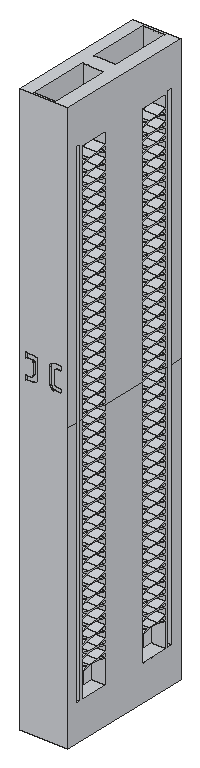
Revit family
Parameters
  Material ID = "760072835"
  Description = "Vertical Cable Management Kit, 8in X 96in (203mm X 2438mm) Double Sided, With Doors, Silver"
Reference planes (in)
  plane 1 "Center (Front/Back)": y = 0
  plane 2: z = 0
  plane 3 "Center (Left/Right)": x = 0
Forms (in)
  Extrusion 1, void, not visible
    sketch origin (0, 0, 0) x (1, 0, 0) y (0, 0, 1)
      loop
        line (-7.85662, 0.48089) -> (-7.85662, -0.39002) -> (-7.67285, -0.39002) -> (-7.67285, -0.64002) -> (-7.0736, -0.64002) -> (-7.0736, -0.39002) -> (-6.92978, -0.39002) -> (-6.92978, 0.48089) -> (-7.85662, 0.48089)
    from -3.79215 to 12
  Extrusion 2, void, not visible
    sketch origin (0, 0, 0) x (1, 0, 0) y (0, 0, 1)
      loop
        line (-8.21397, 0.42583) -> (-8.21397, -0.07417) -> (-8.08657, -0.07417) -> (-8.08657, -0.27417) -> (-7.83657, -0.27417) -> (-7.83657, -0.07417) -> (-7.72497, -0.07417) -> (-7.72497, 0.42583) -> (-8.21397, 0.42583)
    from 0.74059 to 3.34334
  Extrusion 3, solid
    sketch origin (0, 0, 0) x (1, 0, 0) y (0, 0, 1)
      loop
        line (4, 48) -> (-4, 48) -> (-4, -48) -> (4, -48) -> (4, 0) -> (4, 48)
    from 11.281 to -12.189
  Extrusion 4, void
    sketch origin (0, 0, 0) x (1, 0, 0) y (0, 0, 1)
      loop
        line (-3, 9.00056) -> (-3, 8.06684) -> (-2.1, 8.06684)
        arc (-2.1, 8.06684) -> (-1.88787, 7.97898) -> (-1.8, 7.76684) r 0.3
        line (-1.8, 7.76684) -> (-1.8, 5.85056)
        arc (-1.8, 5.85056) -> (-1.88787, 5.63843) -> (-2.1, 5.55056) r 0.3
        line (-2.1, 5.55056) -> (-3, 5.55056) -> (-3, 4.75056) -> (-1.8, 4.75056)
        arc (-1.8, 4.75056) -> (-1.23431, 4.98488) -> (-1, 5.55056) r 0.8
        line (-1, 5.55056) -> (-1, 8.20056)
        arc (-1, 8.20056) -> (-1.23431, 8.76625) -> (-1.8, 9.00056) r 0.8
        line (-1.8, 9.00056) -> (-3, 9.00056)
      loop
        line (3, 9.00056) -> (1.8, 9.00056)
        arc (1.8, 9.00056) -> (1.23431, 8.76625) -> (1, 8.20056) r 0.8
        line (1, 8.20056) -> (1, 5.55056)
        arc (1, 5.55056) -> (1.23431, 4.98488) -> (1.8, 4.75056) r 0.8
        line (1.8, 4.75056) -> (3, 4.75056) -> (3, 5.55056) -> (2.1, 5.55056)
        arc (2.1, 5.55056) -> (1.88787, 5.63843) -> (1.8, 5.85056) r 0.3
        line (1.8, 5.85056) -> (1.8, 7.76684)
        arc (1.8, 7.76684) -> (1.88787, 7.97898) -> (2.1, 8.06684) r 0.3
        line (2.1, 8.06684) -> (3, 8.06684) -> (3, 9.00056)
    from 11.08569 to 11.281
  Extrusion 5, void
    sketch origin (0, 0, 0) x (1, 0, 0) y (0, 1, 0)
      loop
        line (1.70983, -0.6615) -> (-2.04017, -0.6615) -> (-2.04017, -10.9115) -> (1.70983, -10.9115) -> (1.70983, -0.6615)
      loop
        line (1.70983, 1.5695) -> (1.70983, 11.8195) -> (-2.04017, 11.8195) -> (-2.04017, 1.5695) -> (1.70983, 1.5695)
    from -58.88014 to 54.97812
  Extrusion 6, void
    sketch origin (0, 0, 0) x (0, 1, 0) y (0, 0, 1)
      loop
        line (-3.37841, 39.06909) -> (-3.37841, 41.06909) -> (-8.50915, 41.06909) -> (-8.50915, 39.06909) -> (-6.81878, 38.61615) -> (-5.06878, 38.61615) -> (-3.37841, 39.06909)
      loop
        line (-3.37841, 38.06909) -> (-5.06878, 38.52202) -> (-6.81878, 38.52202) -> (-8.50915, 38.06909) -> (-8.50915, 37.81909) -> (-8.50915, 37.06909) -> (-6.81878, 36.61615) -> (-5.06878, 36.61615) -> (-3.37841, 37.06909) -> (-3.37841, 37.81909) -> (-3.37841, 38.06909)
      loop
        line (-3.37841, 39.00985) -> (-4.9864, 38.57899) -> (-3.37841, 38.14813) -> (-3.37841, 39.00985)
      loop
        line (-8.50915, 39.00985) -> (-8.50915, 38.14813) -> (-6.90115, 38.57899) -> (-8.50915, 39.00985)
      loop
        line (-3.37841, 36.06909) -> (-5.06878, 36.52202) -> (-6.81878, 36.52202) -> (-8.50915, 36.06909) -> (-8.50915, 35.06909) -> (-6.81878, 34.61615) -> (-5.06878, 34.61615) -> (-3.37841, 35.06909) -> (-3.37841, 36.06909)
      loop
        line (-3.37841, 37.00985) -> (-4.9864, 36.57899) -> (-3.37841, 36.14813) -> (-3.37841, 37.00985)
      loop
        line (-8.50915, 37.00985) -> (-8.50915, 36.14813) -> (-6.90115, 36.57899) -> (-8.50915, 37.00985)
      loop
        line (-3.37841, 34.06909) -> (-5.06878, 34.52202) -> (-6.81878, 34.52202) -> (-8.50915, 34.06909) -> (-8.50915, 33.06909) -> (-6.81878, 32.61615) -> (-5.06878, 32.61615) -> (-3.37841, 33.06909) -> (-3.37841, 34.06909)
      loop
        line (-3.37841, 35.00985) -> (-4.9864, 34.57899) -> (-3.37841, 34.14813) -> (-3.37841, 35.00985)
      loop
        line (-8.50915, 35.00985) -> (-8.50915, 34.14813) -> (-6.90115, 34.57899) -> (-8.50915, 35.00985)
      loop
        line (-3.37841, 32.06909) -> (-5.06878, 32.52202) -> (-6.81878, 32.52202) -> (-8.50915, 32.06909) -> (-8.50915, 31.06909) -> (-6.81878, 30.61615) -> (-5.06878, 30.61615) -> (-3.37841, 31.06909) -> (-3.37841, 32.06909)
      loop
        line (-3.37841, 33.00985) -> (-4.9864, 32.57899) -> (-3.37841, 32.14813) -> (-3.37841, 33.00985)
      loop
        line (-8.50915, 33.00985) -> (-8.50915, 32.14813) -> (-6.90115, 32.57899) -> (-8.50915, 33.00985)
      loop
        line (-3.37841, 30.06909) -> (-5.06878, 30.52202) -> (-6.81878, 30.52202) -> (-8.50915, 30.06909) -> (-8.50915, 29.06909) -> (-6.81878, 28.61615) -> (-5.06878, 28.61615) -> (-3.37841, 29.06909) -> (-3.37841, 30.06909)
      loop
        line (-3.37841, 31.00985) -> (-4.9864, 30.57899) -> (-3.37841, 30.14813) -> (-3.37841, 31.00985)
      loop
        line (-8.50915, 31.00985) -> (-8.50915, 30.14813) -> (-6.90115, 30.57899) -> (-8.50915, 31.00985)
      loop
        line (-3.37841, 28.06909) -> (-5.06878, 28.52202) -> (-6.81878, 28.52202) -> (-8.50915, 28.06909) -> (-8.50915, 27.06909) -> (-6.81878, 26.61615) -> (-5.06878, 26.61615) -> (-3.37841, 27.06909) -> (-3.37841, 28.06909)
      loop
        line (-3.37841, 29.00985) -> (-4.9864, 28.57899) -> (-3.37841, 28.14813) -> (-3.37841, 29.00985)
      loop
        line (-8.50915, 29.00985) -> (-8.50915, 28.14813) -> (-6.90115, 28.57899) -> (-8.50915, 29.00985)
      loop
        line (-3.37841, 26.06909) -> (-5.06878, 26.52202) -> (-6.81878, 26.52202) -> (-8.50915, 26.06909) -> (-8.50915, 25.06909) -> (-6.81878, 24.61615) -> (-5.06878, 24.61615) -> (-3.37841, 25.06909) -> (-3.37841, 26.06909)
      loop
        line (-3.37841, 27.00985) -> (-4.9864, 26.57899) -> (-3.37841, 26.14813) -> (-3.37841, 27.00985)
      loop
        line (-8.50915, 27.00985) -> (-8.50915, 26.14813) -> (-6.90115, 26.57899) -> (-8.50915, 27.00985)
      loop
        line (-3.37841, 24.06909) -> (-5.06878, 24.52202) -> (-6.81878, 24.52202) -> (-8.50915, 24.06909) -> (-8.50915, 23.06909) -> (-6.81878, 22.61615) -> (-5.06878, 22.61615) -> (-3.37841, 23.06909) -> (-3.37841, 24.06909)
      loop
        line (-3.37841, 25.00985) -> (-4.9864, 24.57899) -> (-3.37841, 24.14813) -> (-3.37841, 25.00985)
      loop
        line (-8.50915, 25.00985) -> (-8.50915, 24.14813) -> (-6.90115, 24.57899) -> (-8.50915, 25.00985)
      loop
        line (-3.37841, 22.06909) -> (-5.06878, 22.52202) -> (-6.81878, 22.52202) -> (-8.50915, 22.06909) -> (-8.50915, 21.06909) -> (-6.81878, 20.61615) -> (-5.06878, 20.61615) -> (-3.37841, 21.06909) -> (-3.37841, 22.06909)
      loop
        line (-3.37841, 23.00985) -> (-4.9864, 22.57899) -> (-3.37841, 22.14813) -> (-3.37841, 23.00985)
      loop
        line (-8.50915, 23.00985) -> (-8.50915, 22.14813) -> (-6.90115, 22.57899) -> (-8.50915, 23.00985)
      loop
        line (-3.37841, 20.06909) -> (-5.06878, 20.52202) -> (-6.81878, 20.52202) -> (-8.50915, 20.06909) -> (-8.50915, 19.06909) -> (-6.81878, 18.61615) -> (-5.06878, 18.61615) -> (-3.37841, 19.06909) -> (-3.37841, 20.06909)
      loop
        line (-3.37841, 21.00985) -> (-4.9864, 20.57899) -> (-3.37841, 20.14813) -> (-3.37841, 21.00985)
      loop
        line (-8.50915, 21.00985) -> (-8.50915, 20.14813) -> (-6.90115, 20.57899) -> (-8.50915, 21.00985)
      loop
        line (-3.37841, 18.06909) -> (-5.06878, 18.52202) -> (-6.81878, 18.52202) -> (-8.50915, 18.06909) -> (-8.50915, 17.06909) -> (-6.81878, 16.61615) -> (-5.06878, 16.61615) -> (-3.37841, 17.06909) -> (-3.37841, 18.06909)
      loop
        line (-3.37841, 19.00985) -> (-4.9864, 18.57899) -> (-3.37841, 18.14813) -> (-3.37841, 19.00985)
      loop
        line (-8.50915, 19.00985) -> (-8.50915, 18.14813) -> (-6.90115, 18.57899) -> (-8.50915, 19.00985)
      loop
        line (-3.37841, 16.06909) -> (-5.06878, 16.52202) -> (-6.81878, 16.52202) -> (-8.50915, 16.06909) -> (-8.50915, 15.06909) -> (-6.81878, 14.61615) -> (-5.06878, 14.61615) -> (-3.37841, 15.06909) -> (-3.37841, 16.06909)
      loop
        line (-3.37841, 17.00985) -> (-4.9864, 16.57899) -> (-3.37841, 16.14813) -> (-3.37841, 17.00985)
      loop
        line (-8.50915, 17.00985) -> (-8.50915, 16.14813) -> (-6.90115, 16.57899) -> (-8.50915, 17.00985)
      loop
        line (-3.37841, 14.06909) -> (-5.06878, 14.52202) -> (-6.81878, 14.52202) -> (-8.50915, 14.06909) -> (-8.50915, 13.06909) -> (-6.81878, 12.61615) -> (-5.06878, 12.61615) -> (-3.37841, 13.06909) -> (-3.37841, 14.06909)
      loop
        line (-3.37841, 15.00985) -> (-4.9864, 14.57899) -> (-3.37841, 14.14813) -> (-3.37841, 15.00985)
      loop
        line (-8.50915, 15.00985) -> (-8.50915, 14.14813) -> (-6.90115, 14.57899) -> (-8.50915, 15.00985)
      loop
        line (-3.37841, 12.06909) -> (-5.06878, 12.52202) -> (-6.81878, 12.52202) -> (-8.50915, 12.06909) -> (-8.50915, 11.06909) -> (-6.81878, 10.61615) -> (-5.06878, 10.61615) -> (-3.37841, 11.06909) -> (-3.37841, 12.06909)
      loop
        line (-3.37841, 13.00985) -> (-4.9864, 12.57899) -> (-3.37841, 12.14813) -> (-3.37841, 13.00985)
      loop
        line (-8.50915, 13.00985) -> (-8.50915, 12.14813) -> (-6.90115, 12.57899) -> (-8.50915, 13.00985)
      loop
        line (-3.37841, 10.06909) -> (-5.06878, 10.52202) -> (-6.81878, 10.52202) -> (-8.50915, 10.06909) -> (-8.50915, 9.06909) -> (-6.81878, 8.61615) -> (-5.06878, 8.61615) -> (-3.37841, 9.06909) -> (-3.37841, 10.06909)
      loop
        line (-3.37841, 11.00985) -> (-4.9864, 10.57899) -> (-3.37841, 10.14813) -> (-3.37841, 11.00985)
      loop
        line (-8.50915, 11.00985) -> (-8.50915, 10.14813) -> (-6.90115, 10.57899) -> (-8.50915, 11.00985)
      loop
        line (-3.37841, 8.06909) -> (-5.06878, 8.52202) -> (-6.81878, 8.52202) -> (-8.50915, 8.06909) -> (-8.50915, 7.06909) -> (-6.81878, 6.61615) -> (-5.06878, 6.61615) -> (-3.37841, 7.06909) -> (-3.37841, 8.06909)
      loop
        line (-3.37841, 9.00985) -> (-4.9864, 8.57899) -> (-3.37841, 8.14813) -> (-3.37841, 9.00985)
      loop
        line (-8.50915, 9.00985) -> (-8.50915, 8.14813) -> (-6.90115, 8.57899) -> (-8.50915, 9.00985)
      loop
        line (-3.37841, 6.06909) -> (-5.06878, 6.52202) -> (-6.81878, 6.52202) -> (-8.50915, 6.06909) -> (-8.50915, 5.06909) -> (-6.81878, 4.61615) -> (-5.06878, 4.61615) -> (-3.37841, 5.06909) -> (-3.37841, 6.06909)
      loop
        line (-3.37841, 7.00985) -> (-4.9864, 6.57899) -> (-3.37841, 6.14813) -> (-3.37841, 7.00985)
      loop
        line (-8.50915, 7.00985) -> (-8.50915, 6.14813) -> (-6.90115, 6.57899) -> (-8.50915, 7.00985)
      loop
        line (-3.37841, 4.06909) -> (-5.06878, 4.52202) -> (-6.81878, 4.52202) -> (-8.50915, 4.06909) -> (-8.50915, 3.06909) -> (-6.81878, 2.61615) -> (-5.06878, 2.61615) -> (-3.37841, 3.06909) -> (-3.37841, 4.06909)
      loop
        line (-3.37841, 5.00985) -> (-4.9864, 4.57899) -> (-3.37841, 4.14813) -> (-3.37841, 5.00985)
      loop
        line (-8.50915, 5.00985) -> (-8.50915, 4.14813) -> (-6.90115, 4.57899) -> (-8.50915, 5.00985)
      loop
        line (-3.37841, 2.06909) -> (-5.06878, 2.52202) -> (-6.81878, 2.52202) -> (-8.50915, 2.06909) -> (-8.50915, 1.06909) -> (-6.81878, 0.61615) -> (-5.06878, 0.61615) -> (-3.37841, 1.06909) -> (-3.37841, 2.06909)
      loop
        line (-3.37841, 3.00985) -> (-4.9864, 2.57899) -> (-3.37841, 2.14813) -> (-3.37841, 3.00985)
      loop
        line (-8.50915, 3.00985) -> (-8.50915, 2.14813) -> (-6.90115, 2.57899) -> (-8.50915, 3.00985)
      loop
        line (-3.37841, 0.06909) -> (-5.06878, 0.52202) -> (-6.81878, 0.52202) -> (-8.50915, 0.06909) -> (-8.50915, -0.93091) -> (-6.81878, -1.38385) -> (-5.06878, -1.38385) -> (-3.37841, -0.93091) -> (-3.37841, 0.06909)
      loop
        line (-3.37841, 1.00985) -> (-4.9864, 0.57899) -> (-3.37841, 0.14813) -> (-3.37841, 1.00985)
      loop
        line (-8.50915, 1.00985) -> (-8.50915, 0.14813) -> (-6.90115, 0.57899) -> (-8.50915, 1.00985)
      loop
        line (-3.37841, -1.93091) -> (-5.06878, -1.47798) -> (-6.81878, -1.47798) -> (-8.50915, -1.93091) -> (-8.50915, -2.93091) -> (-6.81878, -3.38385) -> (-5.06878, -3.38385) -> (-3.37841, -2.93091) -> (-3.37841, -1.93091)
      loop
        line (-3.37841, -0.99015) -> (-4.9864, -1.42101) -> (-3.37841, -1.85187) -> (-3.37841, -0.99015)
      loop
        line (-8.50915, -0.99015) -> (-8.50915, -1.85187) -> (-6.90115, -1.42101) -> (-8.50915, -0.99015)
      loop
        line (-3.37841, -3.93091) -> (-5.06878, -3.47798) -> (-6.81878, -3.47798) -> (-8.50915, -3.93091) -> (-8.50915, -4.93091) -> (-6.81878, -5.38385) -> (-5.06878, -5.38385) -> (-3.37841, -4.93091) -> (-3.37841, -3.93091)
      loop
        line (-3.37841, -2.99015) -> (-4.9864, -3.42101) -> (-3.37841, -3.85187) -> (-3.37841, -2.99015)
      loop
        line (-8.50915, -2.99015) -> (-8.50915, -3.85187) -> (-6.90115, -3.42101) -> (-8.50915, -2.99015)
      loop
        line (-3.37841, -5.93091) -> (-5.06878, -5.47798) -> (-6.81878, -5.47798) -> (-8.50915, -5.93091) -> (-8.50915, -6.93091) -> (-6.81878, -7.38385) -> (-5.06878, -7.38385) -> (-3.37841, -6.93091) -> (-3.37841, -5.93091)
      loop
        line (-3.37841, -4.99015) -> (-4.9864, -5.42101) -> (-3.37841, -5.85187) -> (-3.37841, -4.99015)
      loop
        line (-8.50915, -4.99015) -> (-8.50915, -5.85187) -> (-6.90115, -5.42101) -> (-8.50915, -4.99015)
      loop
        line (-3.37841, -7.93091) -> (-5.06878, -7.47798) -> (-6.81878, -7.47798) -> (-8.50915, -7.93091) -> (-8.50915, -8.93091) -> (-6.81878, -9.38385) -> (-5.06878, -9.38385) -> (-3.37841, -8.93091) -> (-3.37841, -7.93091)
      loop
        line (-3.37841, -6.99015) -> (-4.9864, -7.42101) -> (-3.37841, -7.85187) -> (-3.37841, -6.99015)
      loop
        line (-8.50915, -6.99015) -> (-8.50915, -7.85187) -> (-6.90115, -7.42101) -> (-8.50915, -6.99015)
      loop
        line (-3.37841, -9.93091) -> (-5.06878, -9.47798) -> (-6.81878, -9.47798) -> (-8.50915, -9.93091) -> (-8.50915, -10.93091) -> (-6.81878, -11.38385) -> (-5.06878, -11.38385) -> (-3.37841, -10.93091) -> (-3.37841, -9.93091)
      loop
        line (-3.37841, -8.99015) -> (-4.9864, -9.42101) -> (-3.37841, -9.85187) -> (-3.37841, -8.99015)
      loop
        line (-8.50915, -8.99015) -> (-8.50915, -9.85187) -> (-6.90115, -9.42101) -> (-8.50915, -8.99015)
      loop
        line (-3.37841, -11.93091) -> (-5.06878, -11.47798) -> (-6.81878, -11.47798) -> (-8.50915, -11.93091) -> (-8.50915, -12.93091) -> (-6.81878, -13.38385) -> (-5.06878, -13.38385) -> (-3.37841, -12.93091) -> (-3.37841, -11.93091)
      loop
        line (-3.37841, -10.99015) -> (-4.9864, -11.42101) -> (-3.37841, -11.85187) -> (-3.37841, -10.99015)
      loop
        line (-8.50915, -10.99015) -> (-8.50915, -11.85187) -> (-6.90115, -11.42101) -> (-8.50915, -10.99015)
      loop
        line (-3.37841, -13.93091) -> (-5.06878, -13.47798) -> (-6.81878, -13.47798) -> (-8.50915, -13.93091) -> (-8.50915, -14.93091) -> (-6.81878, -15.38385) -> (-5.06878, -15.38385) -> (-3.37841, -14.93091) -> (-3.37841, -13.93091)
      loop
        line (-3.37841, -12.99015) -> (-4.9864, -13.42101) -> (-3.37841, -13.85187) -> (-3.37841, -12.99015)
      loop
        line (-8.50915, -12.99015) -> (-8.50915, -13.85187) -> (-6.90115, -13.42101) -> (-8.50915, -12.99015)
      loop
        line (-3.37841, -15.93091) -> (-5.06878, -15.47798) -> (-6.81878, -15.47798) -> (-8.50915, -15.93091) -> (-8.50915, -16.93091) -> (-6.81878, -17.38385) -> (-5.06878, -17.38385) -> (-3.37841, -16.93091) -> (-3.37841, -15.93091)
      loop
        line (-3.37841, -14.99015) -> (-4.9864, -15.42101) -> (-3.37841, -15.85187) -> (-3.37841, -14.99015)
      loop
        line (-8.50915, -14.99015) -> (-8.50915, -15.85187) -> (-6.90115, -15.42101) -> (-8.50915, -14.99015)
      loop
        line (-3.37841, -17.93091) -> (-5.06878, -17.47798) -> (-6.81878, -17.47798) -> (-8.50915, -17.93091) -> (-8.50915, -18.93091) -> (-6.81878, -19.38385) -> (-5.06878, -19.38385) -> (-3.37841, -18.93091) -> (-3.37841, -17.93091)
      loop
        line (-3.37841, -16.99015) -> (-4.9864, -17.42101) -> (-3.37841, -17.85187) -> (-3.37841, -16.99015)
      loop
        line (-8.50915, -16.99015) -> (-8.50915, -17.85187) -> (-6.90115, -17.42101) -> (-8.50915, -16.99015)
      loop
        line (-3.37841, -19.93091) -> (-5.06878, -19.47798) -> (-6.81878, -19.47798) -> (-8.50915, -19.93091) -> (-8.50915, -20.93091) -> (-6.81878, -21.38385) -> (-5.06878, -21.38385) -> (-3.37841, -20.93091) -> (-3.37841, -19.93091)
      loop
        line (-3.37841, -18.99015) -> (-4.9864, -19.42101) -> (-3.37841, -19.85187) -> (-3.37841, -18.99015)
      loop
        line (-8.50915, -18.99015) -> (-8.50915, -19.85187) -> (-6.90115, -19.42101) -> (-8.50915, -18.99015)
      loop
        line (-3.37841, -21.93091) -> (-5.06878, -21.47798) -> (-6.81878, -21.47798) -> (-8.50915, -21.93091) -> (-8.50915, -22.93091) -> (-6.81878, -23.38385) -> (-5.06878, -23.38385) -> (-3.37841, -22.93091) -> (-3.37841, -21.93091)
      loop
        line (-3.37841, -20.99015) -> (-4.9864, -21.42101) -> (-3.37841, -21.85187) -> (-3.37841, -20.99015)
      loop
        line (-8.50915, -20.99015) -> (-8.50915, -21.85187) -> (-6.90115, -21.42101) -> (-8.50915, -20.99015)
      loop
        line (-3.37841, -23.93091) -> (-5.06878, -23.47798) -> (-6.81878, -23.47798) -> (-8.50915, -23.93091) -> (-8.50915, -24.93091) -> (-6.81878, -25.38385) -> (-5.06878, -25.38385) -> (-3.37841, -24.93091) -> (-3.37841, -23.93091)
      loop
        line (-3.37841, -22.99015) -> (-4.9864, -23.42101) -> (-3.37841, -23.85187) -> (-3.37841, -22.99015)
      loop
        line (-8.50915, -22.99015) -> (-8.50915, -23.85187) -> (-6.90115, -23.42101) -> (-8.50915, -22.99015)
      loop
        line (-3.37841, -25.93091) -> (-5.06878, -25.47798) -> (-6.81878, -25.47798) -> (-8.50915, -25.93091) -> (-8.50915, -26.93091) -> (-6.81878, -27.38385) -> (-5.06878, -27.38385) -> (-3.37841, -26.93091) -> (-3.37841, -25.93091)
      loop
        line (-3.37841, -24.99015) -> (-4.9864, -25.42101) -> (-3.37841, -25.85187) -> (-3.37841, -24.99015)
      loop
        line (-8.50915, -24.99015) -> (-8.50915, -25.85187) -> (-6.90115, -25.42101) -> (-8.50915, -24.99015)
      loop
        line (-3.37841, -27.93091) -> (-5.06878, -27.47798) -> (-6.81878, -27.47798) -> (-8.50915, -27.93091) -> (-8.50915, -28.93091) -> (-6.81878, -29.38385) -> (-5.06878, -29.38385) -> (-3.37841, -28.93091) -> (-3.37841, -27.93091)
      loop
        line (-3.37841, -26.99015) -> (-4.9864, -27.42101) -> (-3.37841, -27.85187) -> (-3.37841, -26.99015)
      loop
        line (-8.50915, -26.99015) -> (-8.50915, -27.85187) -> (-6.90115, -27.42101) -> (-8.50915, -26.99015)
      loop
        line (-3.37841, -29.93091) -> (-5.06878, -29.47798) -> (-6.81878, -29.47798) -> (-8.50915, -29.93091) -> (-8.50915, -30.93091) -> (-6.81878, -31.38385) -> (-5.06878, -31.38385) -> (-3.37841, -30.93091) -> (-3.37841, -29.93091)
      loop
        line (-3.37841, -28.99015) -> (-4.9864, -29.42101) -> (-3.37841, -29.85187) -> (-3.37841, -28.99015)
      loop
        line (-8.50915, -28.99015) -> (-8.50915, -29.85187) -> (-6.90115, -29.42101) -> (-8.50915, -28.99015)
      loop
        line (-3.37841, -31.93091) -> (-5.06878, -31.47798) -> (-6.81878, -31.47798) -> (-8.50915, -31.93091) -> (-8.50915, -32.93091) -> (-6.81878, -33.38385) -> (-5.06878, -33.38385) -> (-3.37841, -32.93091) -> (-3.37841, -31.93091)
      loop
        line (-3.37841, -30.99015) -> (-4.9864, -31.42101) -> (-3.37841, -31.85187) -> (-3.37841, -30.99015)
      loop
        line (-8.50915, -30.99015) -> (-8.50915, -31.85187) -> (-6.90115, -31.42101) -> (-8.50915, -30.99015)
      loop
        line (-3.37841, -33.93091) -> (-5.06878, -33.47798) -> (-6.81878, -33.47798) -> (-8.50915, -33.93091) -> (-8.50915, -34.93091) -> (-6.81878, -35.38385) -> (-5.06878, -35.38385) -> (-3.37841, -34.93091) -> (-3.37841, -33.93091)
      loop
        line (-3.37841, -32.99015) -> (-4.9864, -33.42101) -> (-3.37841, -33.85187) -> (-3.37841, -32.99015)
      loop
        line (-8.50915, -32.99015) -> (-8.50915, -33.85187) -> (-6.90115, -33.42101) -> (-8.50915, -32.99015)
      loop
        line (-3.37841, -35.93091) -> (-5.06878, -35.47798) -> (-6.81878, -35.47798) -> (-8.50915, -35.93091) -> (-8.50915, -36.93091) -> (-6.81878, -37.38385) -> (-5.06878, -37.38385) -> (-3.37841, -36.93091) -> (-3.37841, -35.93091)
      loop
        line (-3.37841, -34.99015) -> (-4.9864, -35.42101) -> (-3.37841, -35.85187) -> (-3.37841, -34.99015)
      loop
        line (-8.50915, -34.99015) -> (-8.50915, -35.85187) -> (-6.90115, -35.42101) -> (-8.50915, -34.99015)
      loop
        line (-3.37841, -37.93091) -> (-5.06878, -37.47798) -> (-6.81878, -37.47798) -> (-8.50915, -37.93091) -> (-8.50915, -42) -> (-3.37841, -42) -> (-3.37841, -37.93091)
      loop
        line (-3.37841, -36.99015) -> (-4.9864, -37.42101) -> (-3.37841, -37.85187) -> (-3.37841, -36.99015)
      loop
        line (-8.50915, -36.99015) -> (-8.50915, -37.85187) -> (-6.90115, -37.42101) -> (-8.50915, -36.99015)
      loop
        line (4.05541, 39.06909) -> (5.74578, 38.61615) -> (7.49578, 38.61615) -> (9.18615, 39.06909) -> (9.18615, 41.06909) -> (4.05541, 41.06909) -> (4.05541, 39.06909)
      loop
        line (4.05541, 38.06909) -> (4.05541, 37.81909) -> (4.05541, 37.06909) -> (5.74578, 36.61615) -> (7.49578, 36.61615) -> (9.18615, 37.06909) -> (9.18615, 37.81909) -> (9.18615, 38.06909) -> (7.49578, 38.52202) -> (5.74578, 38.52202) -> (4.05541, 38.06909)
      loop
        line (4.05541, 39.00985) -> (4.05541, 38.14813) -> (5.6634, 38.57899) -> (4.05541, 39.00985)
      loop
        line (9.18615, 39.00985) -> (7.57815, 38.57899) -> (9.18615, 38.14813) -> (9.18615, 39.00985)
      loop
        line (4.05541, 36.06909) -> (4.05541, 35.06909) -> (5.74578, 34.61615) -> (7.49578, 34.61615) -> (9.18615, 35.06909) -> (9.18615, 36.06909) -> (7.49578, 36.52202) -> (5.74578, 36.52202) -> (4.05541, 36.06909)
      loop
        line (4.05541, 37.00985) -> (4.05541, 36.14813) -> (5.6634, 36.57899) -> (4.05541, 37.00985)
      loop
        line (9.18615, 37.00985) -> (7.57815, 36.57899) -> (9.18615, 36.14813) -> (9.18615, 37.00985)
      loop
        line (4.05541, 34.06909) -> (4.05541, 33.06909) -> (5.74578, 32.61615) -> (7.49578, 32.61615) -> (9.18615, 33.06909) -> (9.18615, 34.06909) -> (7.49578, 34.52202) -> (5.74578, 34.52202) -> (4.05541, 34.06909)
      loop
        line (4.05541, 35.00985) -> (4.05541, 34.14813) -> (5.6634, 34.57899) -> (4.05541, 35.00985)
      loop
        line (9.18615, 35.00985) -> (7.57815, 34.57899) -> (9.18615, 34.14813) -> (9.18615, 35.00985)
      loop
        line (4.05541, 32.06909) -> (4.05541, 31.06909) -> (5.74578, 30.61615) -> (7.49578, 30.61615) -> (9.18615, 31.06909) -> (9.18615, 32.06909) -> (7.49578, 32.52202) -> (5.74578, 32.52202) -> (4.05541, 32.06909)
      loop
        line (4.05541, 33.00985) -> (4.05541, 32.14813) -> (5.6634, 32.57899) -> (4.05541, 33.00985)
      loop
        line (9.18615, 33.00985) -> (7.57815, 32.57899) -> (9.18615, 32.14813) -> (9.18615, 33.00985)
      loop
        line (4.05541, 30.06909) -> (4.05541, 29.06909) -> (5.74578, 28.61615) -> (7.49578, 28.61615) -> (9.18615, 29.06909) -> (9.18615, 30.06909) -> (7.49578, 30.52202) -> (5.74578, 30.52202) -> (4.05541, 30.06909)
      loop
        line (4.05541, 31.00985) -> (4.05541, 30.14813) -> (5.6634, 30.57899) -> (4.05541, 31.00985)
      loop
        line (9.18615, 31.00985) -> (7.57815, 30.57899) -> (9.18615, 30.14813) -> (9.18615, 31.00985)
      loop
        line (4.05541, 28.06909) -> (4.05541, 27.06909) -> (5.74578, 26.61615) -> (7.49578, 26.61615) -> (9.18615, 27.06909) -> (9.18615, 28.06909) -> (7.49578, 28.52202) -> (5.74578, 28.52202) -> (4.05541, 28.06909)
      loop
        line (4.05541, 29.00985) -> (4.05541, 28.14813) -> (5.6634, 28.57899) -> (4.05541, 29.00985)
      loop
        line (9.18615, 29.00985) -> (7.57815, 28.57899) -> (9.18615, 28.14813) -> (9.18615, 29.00985)
      loop
        line (4.05541, 26.06909) -> (4.05541, 25.06909) -> (5.74578, 24.61615) -> (7.49578, 24.61615) -> (9.18615, 25.06909) -> (9.18615, 26.06909) -> (7.49578, 26.52202) -> (5.74578, 26.52202) -> (4.05541, 26.06909)
      loop
        line (4.05541, 27.00985) -> (4.05541, 26.14813) -> (5.6634, 26.57899) -> (4.05541, 27.00985)
      loop
        line (9.18615, 27.00985) -> (7.57815, 26.57899) -> (9.18615, 26.14813) -> (9.18615, 27.00985)
      loop
        line (4.05541, 24.06909) -> (4.05541, 23.06909) -> (5.74578, 22.61615) -> (7.49578, 22.61615) -> (9.18615, 23.06909) -> (9.18615, 24.06909) -> (7.49578, 24.52202) -> (5.74578, 24.52202) -> (4.05541, 24.06909)
      loop
        line (4.05541, 25.00985) -> (4.05541, 24.14813) -> (5.6634, 24.57899) -> (4.05541, 25.00985)
      loop
        line (9.18615, 25.00985) -> (7.57815, 24.57899) -> (9.18615, 24.14813) -> (9.18615, 25.00985)
      loop
        line (4.05541, 22.06909) -> (4.05541, 21.06909) -> (5.74578, 20.61615) -> (7.49578, 20.61615) -> (9.18615, 21.06909) -> (9.18615, 22.06909) -> (7.49578, 22.52202) -> (5.74578, 22.52202) -> (4.05541, 22.06909)
      loop
        line (4.05541, 23.00985) -> (4.05541, 22.14813) -> (5.6634, 22.57899) -> (4.05541, 23.00985)
      loop
        line (9.18615, 23.00985) -> (7.57815, 22.57899) -> (9.18615, 22.14813) -> (9.18615, 23.00985)
      loop
        line (4.05541, 20.06909) -> (4.05541, 19.06909) -> (5.74578, 18.61615) -> (7.49578, 18.61615) -> (9.18615, 19.06909) -> (9.18615, 20.06909) -> (7.49578, 20.52202) -> (5.74578, 20.52202) -> (4.05541, 20.06909)
      loop
        line (4.05541, 21.00985) -> (4.05541, 20.14813) -> (5.6634, 20.57899) -> (4.05541, 21.00985)
      loop
        line (9.18615, 21.00985) -> (7.57815, 20.57899) -> (9.18615, 20.14813) -> (9.18615, 21.00985)
      loop
        line (4.05541, 18.06909) -> (4.05541, 17.06909) -> (5.74578, 16.61615) -> (7.49578, 16.61615) -> (9.18615, 17.06909) -> (9.18615, 18.06909) -> (7.49578, 18.52202) -> (5.74578, 18.52202) -> (4.05541, 18.06909)
      loop
        line (4.05541, 19.00985) -> (4.05541, 18.14813) -> (5.6634, 18.57899) -> (4.05541, 19.00985)
      loop
        line (9.18615, 19.00985) -> (7.57815, 18.57899) -> (9.18615, 18.14813) -> (9.18615, 19.00985)
      loop
        line (4.05541, 16.06909) -> (4.05541, 15.06909) -> (5.74578, 14.61615) -> (7.49578, 14.61615) -> (9.18615, 15.06909) -> (9.18615, 16.06909) -> (7.49578, 16.52202) -> (5.74578, 16.52202) -> (4.05541, 16.06909)
      loop
        line (4.05541, 17.00985) -> (4.05541, 16.14813) -> (5.6634, 16.57899) -> (4.05541, 17.00985)
      loop
        line (9.18615, 17.00985) -> (7.57815, 16.57899) -> (9.18615, 16.14813) -> (9.18615, 17.00985)
      loop
        line (4.05541, 14.06909) -> (4.05541, 13.06909) -> (5.74578, 12.61615) -> (7.49578, 12.61615) -> (9.18615, 13.06909) -> (9.18615, 14.06909) -> (7.49578, 14.52202) -> (5.74578, 14.52202) -> (4.05541, 14.06909)
      loop
        line (4.05541, 15.00985) -> (4.05541, 14.14813) -> (5.6634, 14.57899) -> (4.05541, 15.00985)
      loop
        line (9.18615, 15.00985) -> (7.57815, 14.57899) -> (9.18615, 14.14813) -> (9.18615, 15.00985)
      loop
        line (4.05541, 12.06909) -> (4.05541, 11.06909) -> (5.74578, 10.61615) -> (7.49578, 10.61615) -> (9.18615, 11.06909) -> (9.18615, 12.06909) -> (7.49578, 12.52202) -> (5.74578, 12.52202) -> (4.05541, 12.06909)
      loop
        line (4.05541, 13.00985) -> (4.05541, 12.14813) -> (5.6634, 12.57899) -> (4.05541, 13.00985)
      loop
        line (9.18615, 13.00985) -> (7.57815, 12.57899) -> (9.18615, 12.14813) -> (9.18615, 13.00985)
      loop
        line (4.05541, 10.06909) -> (4.05541, 9.06909) -> (5.74578, 8.61615) -> (7.49578, 8.61615) -> (9.18615, 9.06909) -> (9.18615, 10.06909) -> (7.49578, 10.52202) -> (5.74578, 10.52202) -> (4.05541, 10.06909)
      loop
        line (4.05541, 11.00985) -> (4.05541, 10.14813) -> (5.6634, 10.57899) -> (4.05541, 11.00985)
      loop
        line (9.18615, 11.00985) -> (7.57815, 10.57899) -> (9.18615, 10.14813) -> (9.18615, 11.00985)
      loop
        line (4.05541, 8.06909) -> (4.05541, 7.06909) -> (5.74578, 6.61615) -> (7.49578, 6.61615) -> (9.18615, 7.06909) -> (9.18615, 8.06909) -> (7.49578, 8.52202) -> (5.74578, 8.52202) -> (4.05541, 8.06909)
      loop
        line (4.05541, 9.00985) -> (4.05541, 8.14813) -> (5.6634, 8.57899) -> (4.05541, 9.00985)
      loop
        line (9.18615, 9.00985) -> (7.57815, 8.57899) -> (9.18615, 8.14813) -> (9.18615, 9.00985)
      loop
        line (4.05541, 6.06909) -> (4.05541, 5.06909) -> (5.74578, 4.61615) -> (7.49578, 4.61615) -> (9.18615, 5.06909) -> (9.18615, 6.06909) -> (7.49578, 6.52202) -> (5.74578, 6.52202) -> (4.05541, 6.06909)
      loop
        line (4.05541, 7.00985) -> (4.05541, 6.14813) -> (5.6634, 6.57899) -> (4.05541, 7.00985)
      loop
        line (9.18615, 7.00985) -> (7.57815, 6.57899) -> (9.18615, 6.14813) -> (9.18615, 7.00985)
      loop
        line (4.05541, 4.06909) -> (4.05541, 3.06909) -> (5.74578, 2.61615) -> (7.49578, 2.61615) -> (9.18615, 3.06909) -> (9.18615, 4.06909) -> (7.49578, 4.52202) -> (5.74578, 4.52202) -> (4.05541, 4.06909)
      loop
        line (4.05541, 5.00985) -> (4.05541, 4.14813) -> (5.6634, 4.57899) -> (4.05541, 5.00985)
      loop
        line (9.18615, 5.00985) -> (7.57815, 4.57899) -> (9.18615, 4.14813) -> (9.18615, 5.00985)
      loop
        line (4.05541, 2.06909) -> (4.05541, 1.06909) -> (5.74578, 0.61615) -> (7.49578, 0.61615) -> (9.18615, 1.06909) -> (9.18615, 2.06909) -> (7.49578, 2.52202) -> (5.74578, 2.52202) -> (4.05541, 2.06909)
      loop
        line (4.05541, 3.00985) -> (4.05541, 2.14813) -> (5.6634, 2.57899) -> (4.05541, 3.00985)
      loop
        line (9.18615, 3.00985) -> (7.57815, 2.57899) -> (9.18615, 2.14813) -> (9.18615, 3.00985)
      loop
        line (4.05541, 0.06909) -> (4.05541, -0.93091) -> (5.74578, -1.38385) -> (7.49578, -1.38385) -> (9.18615, -0.93091) -> (9.18615, 0.06909) -> (7.49578, 0.52202) -> (5.74578, 0.52202) -> (4.05541, 0.06909)
      loop
        line (4.05541, 1.00985) -> (4.05541, 0.14813) -> (5.6634, 0.57899) -> (4.05541, 1.00985)
      loop
        line (9.18615, 1.00985) -> (7.57815, 0.57899) -> (9.18615, 0.14813) -> (9.18615, 1.00985)
      loop
        line (4.05541, -1.93091) -> (4.05541, -2.93091) -> (5.74578, -3.38385) -> (7.49578, -3.38385) -> (9.18615, -2.93091) -> (9.18615, -1.93091) -> (7.49578, -1.47798) -> (5.74578, -1.47798) -> (4.05541, -1.93091)
      loop
        line (4.05541, -0.99015) -> (4.05541, -1.85187) -> (5.6634, -1.42101) -> (4.05541, -0.99015)
      loop
        line (9.18615, -0.99015) -> (7.57815, -1.42101) -> (9.18615, -1.85187) -> (9.18615, -0.99015)
      loop
        line (4.05541, -3.93091) -> (4.05541, -4.93091) -> (5.74578, -5.38385) -> (7.49578, -5.38385) -> (9.18615, -4.93091) -> (9.18615, -3.93091) -> (7.49578, -3.47798) -> (5.74578, -3.47798) -> (4.05541, -3.93091)
      loop
        line (4.05541, -2.99015) -> (4.05541, -3.85187) -> (5.6634, -3.42101) -> (4.05541, -2.99015)
      loop
        line (9.18615, -2.99015) -> (7.57815, -3.42101) -> (9.18615, -3.85187) -> (9.18615, -2.99015)
      loop
        line (4.05541, -5.93091) -> (4.05541, -6.93091) -> (5.74578, -7.38385) -> (7.49578, -7.38385) -> (9.18615, -6.93091) -> (9.18615, -5.93091) -> (7.49578, -5.47798) -> (5.74578, -5.47798) -> (4.05541, -5.93091)
      loop
        line (4.05541, -4.99015) -> (4.05541, -5.85187) -> (5.6634, -5.42101) -> (4.05541, -4.99015)
      loop
        line (9.18615, -4.99015) -> (7.57815, -5.42101) -> (9.18615, -5.85187) -> (9.18615, -4.99015)
      loop
        line (4.05541, -7.93091) -> (4.05541, -8.93091) -> (5.74578, -9.38385) -> (7.49578, -9.38385) -> (9.18615, -8.93091) -> (9.18615, -7.93091) -> (7.49578, -7.47798) -> (5.74578, -7.47798) -> (4.05541, -7.93091)
      loop
        line (4.05541, -6.99015) -> (4.05541, -7.85187) -> (5.6634, -7.42101) -> (4.05541, -6.99015)
      loop
        line (9.18615, -6.99015) -> (7.57815, -7.42101) -> (9.18615, -7.85187) -> (9.18615, -6.99015)
      loop
        line (4.05541, -9.93091) -> (4.05541, -10.93091) -> (5.74578, -11.38385) -> (7.49578, -11.38385) -> (9.18615, -10.93091) -> (9.18615, -9.93091) -> (7.49578, -9.47798) -> (5.74578, -9.47798) -> (4.05541, -9.93091)
      loop
        line (4.05541, -8.99015) -> (4.05541, -9.85187) -> (5.6634, -9.42101) -> (4.05541, -8.99015)
      loop
        line (9.18615, -8.99015) -> (7.57815, -9.42101) -> (9.18615, -9.85187) -> (9.18615, -8.99015)
      loop
        line (4.05541, -11.93091) -> (4.05541, -12.93091) -> (5.74578, -13.38385) -> (7.49578, -13.38385) -> (9.18615, -12.93091) -> (9.18615, -11.93091) -> (7.49578, -11.47798) -> (5.74578, -11.47798) -> (4.05541, -11.93091)
      loop
        line (4.05541, -10.99015) -> (4.05541, -11.85187) -> (5.6634, -11.42101) -> (4.05541, -10.99015)
      loop
        line (9.18615, -10.99015) -> (7.57815, -11.42101) -> (9.18615, -11.85187) -> (9.18615, -10.99015)
      loop
        line (4.05541, -13.93091) -> (4.05541, -14.93091) -> (5.74578, -15.38385) -> (7.49578, -15.38385) -> (9.18615, -14.93091) -> (9.18615, -13.93091) -> (7.49578, -13.47798) -> (5.74578, -13.47798) -> (4.05541, -13.93091)
      loop
        line (4.05541, -12.99015) -> (4.05541, -13.85187) -> (5.6634, -13.42101) -> (4.05541, -12.99015)
      loop
        line (9.18615, -12.99015) -> (7.57815, -13.42101) -> (9.18615, -13.85187) -> (9.18615, -12.99015)
      loop
        line (4.05541, -15.93091) -> (4.05541, -16.93091) -> (5.74578, -17.38385) -> (7.49578, -17.38385) -> (9.18615, -16.93091) -> (9.18615, -15.93091) -> (7.49578, -15.47798) -> (5.74578, -15.47798) -> (4.05541, -15.93091)
      loop
        line (4.05541, -14.99015) -> (4.05541, -15.85187) -> (5.6634, -15.42101) -> (4.05541, -14.99015)
      loop
        line (9.18615, -14.99015) -> (7.57815, -15.42101) -> (9.18615, -15.85187) -> (9.18615, -14.99015)
      loop
        line (4.05541, -17.93091) -> (4.05541, -18.93091) -> (5.74578, -19.38385) -> (7.49578, -19.38385) -> (9.18615, -18.93091) -> (9.18615, -17.93091) -> (7.49578, -17.47798) -> (5.74578, -17.47798) -> (4.05541, -17.93091)
      loop
        line (4.05541, -16.99015) -> (4.05541, -17.85187) -> (5.6634, -17.42101) -> (4.05541, -16.99015)
      loop
        line (9.18615, -16.99015) -> (7.57815, -17.42101) -> (9.18615, -17.85187) -> (9.18615, -16.99015)
      loop
        line (4.05541, -19.93091) -> (4.05541, -20.93091) -> (5.74578, -21.38385) -> (7.49578, -21.38385) -> (9.18615, -20.93091) -> (9.18615, -19.93091) -> (7.49578, -19.47798) -> (5.74578, -19.47798) -> (4.05541, -19.93091)
      loop
        line (4.05541, -18.99015) -> (4.05541, -19.85187) -> (5.6634, -19.42101) -> (4.05541, -18.99015)
      loop
        line (9.18615, -18.99015) -> (7.57815, -19.42101) -> (9.18615, -19.85187) -> (9.18615, -18.99015)
      loop
        line (4.05541, -21.93091) -> (4.05541, -22.93091) -> (5.74578, -23.38385) -> (7.49578, -23.38385) -> (9.18615, -22.93091) -> (9.18615, -21.93091) -> (7.49578, -21.47798) -> (5.74578, -21.47798) -> (4.05541, -21.93091)
      loop
        line (4.05541, -20.99015) -> (4.05541, -21.85187) -> (5.6634, -21.42101) -> (4.05541, -20.99015)
      loop
        line (9.18615, -20.99015) -> (7.57815, -21.42101) -> (9.18615, -21.85187) -> (9.18615, -20.99015)
      loop
        line (4.05541, -23.93091) -> (4.05541, -24.93091) -> (5.74578, -25.38385) -> (7.49578, -25.38385) -> (9.18615, -24.93091) -> (9.18615, -23.93091) -> (7.49578, -23.47798) -> (5.74578, -23.47798) -> (4.05541, -23.93091)
      loop
        line (4.05541, -22.99015) -> (4.05541, -23.85187) -> (5.6634, -23.42101) -> (4.05541, -22.99015)
      loop
        line (9.18615, -22.99015) -> (7.57815, -23.42101) -> (9.18615, -23.85187) -> (9.18615, -22.99015)
      loop
        line (4.05541, -25.93091) -> (4.05541, -26.93091) -> (5.74578, -27.38385) -> (7.49578, -27.38385) -> (9.18615, -26.93091) -> (9.18615, -25.93091) -> (7.49578, -25.47798) -> (5.74578, -25.47798) -> (4.05541, -25.93091)
      loop
        line (4.05541, -24.99015) -> (4.05541, -25.85187) -> (5.6634, -25.42101) -> (4.05541, -24.99015)
      loop
        line (9.18615, -24.99015) -> (7.57815, -25.42101) -> (9.18615, -25.85187) -> (9.18615, -24.99015)
      loop
        line (4.05541, -27.93091) -> (4.05541, -28.93091) -> (5.74578, -29.38385) -> (7.49578, -29.38385) -> (9.18615, -28.93091) -> (9.18615, -27.93091) -> (7.49578, -27.47798) -> (5.74578, -27.47798) -> (4.05541, -27.93091)
      loop
        line (4.05541, -26.99015) -> (4.05541, -27.85187) -> (5.6634, -27.42101) -> (4.05541, -26.99015)
      loop
        line (9.18615, -26.99015) -> (7.57815, -27.42101) -> (9.18615, -27.85187) -> (9.18615, -26.99015)
      loop
        line (4.05541, -29.93091) -> (4.05541, -30.93091) -> (5.74578, -31.38385) -> (7.49578, -31.38385) -> (9.18615, -30.93091) -> (9.18615, -29.93091) -> (7.49578, -29.47798) -> (5.74578, -29.47798) -> (4.05541, -29.93091)
      loop
        line (4.05541, -28.99015) -> (4.05541, -29.85187) -> (5.6634, -29.42101) -> (4.05541, -28.99015)
      loop
        line (9.18615, -28.99015) -> (7.57815, -29.42101) -> (9.18615, -29.85187) -> (9.18615, -28.99015)
      loop
        line (4.05541, -31.93091) -> (4.05541, -32.93091) -> (5.74578, -33.38385) -> (7.49578, -33.38385) -> (9.18615, -32.93091) -> (9.18615, -31.93091) -> (7.49578, -31.47798) -> (5.74578, -31.47798) -> (4.05541, -31.93091)
      loop
        line (4.05541, -30.99015) -> (4.05541, -31.85187) -> (5.6634, -31.42101) -> (4.05541, -30.99015)
      loop
        line (9.18615, -30.99015) -> (7.57815, -31.42101) -> (9.18615, -31.85187) -> (9.18615, -30.99015)
      loop
        line (4.05541, -33.93091) -> (4.05541, -34.93091) -> (5.74578, -35.38385) -> (7.49578, -35.38385) -> (9.18615, -34.93091) -> (9.18615, -33.93091) -> (7.49578, -33.47798) -> (5.74578, -33.47798) -> (4.05541, -33.93091)
      loop
        line (4.05541, -32.99015) -> (4.05541, -33.85187) -> (5.6634, -33.42101) -> (4.05541, -32.99015)
      loop
        line (9.18615, -32.99015) -> (7.57815, -33.42101) -> (9.18615, -33.85187) -> (9.18615, -32.99015)
      loop
        line (4.05541, -35.93091) -> (4.05541, -36.93091) -> (5.74578, -37.38385) -> (7.49578, -37.38385) -> (9.18615, -36.93091) -> (9.18615, -35.93091) -> (7.49578, -35.47798) -> (5.74578, -35.47798) -> (4.05541, -35.93091)
      loop
        line (4.05541, -34.99015) -> (4.05541, -35.85187) -> (5.6634, -35.42101) -> (4.05541, -34.99015)
      loop
        line (9.18615, -34.99015) -> (7.57815, -35.42101) -> (9.18615, -35.85187) -> (9.18615, -34.99015)
      loop
        line (4.05541, -37.93091) -> (4.05541, -42) -> (9.18615, -42) -> (9.18615, -37.93091) -> (7.49578, -37.47798) -> (5.74578, -37.47798) -> (4.05541, -37.93091)
      loop
        line (4.05541, -36.99015) -> (4.05541, -37.85187) -> (5.6634, -37.42101) -> (4.05541, -36.99015)
      loop
        line (9.18615, -36.99015) -> (7.57815, -37.42101) -> (9.18615, -37.85187) -> (9.18615, -36.99015)
    from -16.16264 to 12
  Extrusion 7, void
    sketch origin (0, 0, 0) x (0, 1, 0) y (0, 0, 1)
      loop
        line (-9.74802, 41.47806) -> (-9.74802, -42) -> (-8.75915, -42) -> (-8.75915, 41.47806) -> (-9.74802, 41.47806)
      loop
        line (10.42502, 41.47806) -> (9.43615, 41.47806) -> (9.43615, -42) -> (10.42502, -42) -> (10.42502, 41.47806)
    from -16.48531 to 12
  Extrusion 8, void
    sketch origin (0, 0, 0) x (1, 0, 0) y (0, 0, 1)
      loop
        line (1.49935, 28.88043) -> (-1.75065, 28.88043) -> (-1.75065, 16.13043) -> (1.49935, 16.13043) -> (1.49935, 28.88043)
      loop
        line (1.49935, -28.88043) -> (1.49935, -16.13043) -> (-1.75065, -16.13043) -> (-1.75065, -28.88043) -> (1.49935, -28.88043)
    from -9.86946 to 1.00595
  Extrusion 9, void
    sketch origin (0, 0, 0) x (1, 0, 0) y (0, 0, 1)
      loop
        line (3.34991, 7.4906) -> (3.34991, 8.61615) -> (2.34991, 8.61615)
        arc (2.34991, 8.61615) -> (1.81958, 8.39648) -> (1.59991, 7.86615) r 0.75
        line (1.59991, 7.86615) -> (1.59991, 4.61615)
        arc (1.59991, 4.61615) -> (1.81958, 4.08582) -> (2.34991, 3.86615) r 0.75
        line (2.34991, 3.86615) -> (3.34991, 3.86615) -> (3.34991, 5.00985) -> (2.84991, 5.00985)
        arc (2.84991, 5.00985) -> (2.49635, 5.1563) -> (2.34991, 5.50985) r 0.5
        line (2.34991, 5.50985) -> (2.34991, 6.9906)
        arc (2.34991, 6.9906) -> (2.49635, 7.34415) -> (2.84991, 7.4906) r 0.5
        line (2.84991, 7.4906) -> (3.34991, 7.4906)
      loop
        line (-3.34991, 7.4906) -> (-2.84991, 7.4906)
        arc (-2.84991, 7.4906) -> (-2.49635, 7.34415) -> (-2.34991, 6.9906) r 0.5
        line (-2.34991, 6.9906) -> (-2.34991, 5.50985)
        arc (-2.34991, 5.50985) -> (-2.49635, 5.1563) -> (-2.84991, 5.00985) r 0.5
        line (-2.84991, 5.00985) -> (-3.34991, 5.00985) -> (-3.34991, 3.86615) -> (-2.34991, 3.86615)
        arc (-2.34991, 3.86615) -> (-1.81958, 4.08582) -> (-1.59991, 4.61615) r 0.75
        line (-1.59991, 4.61615) -> (-1.59991, 7.86615)
        arc (-1.59991, 7.86615) -> (-1.81958, 8.39648) -> (-2.34991, 8.61615) r 0.75
        line (-2.34991, 8.61615) -> (-3.34991, 8.61615) -> (-3.34991, 7.4906)
    from -14.9326 to -12.01064
Cuts and joins
  Extrusion 4, Extrusion 5, Extrusion 6, Extrusion 7, Extrusion 8, Extrusion 9 cuts Extrusion 3
